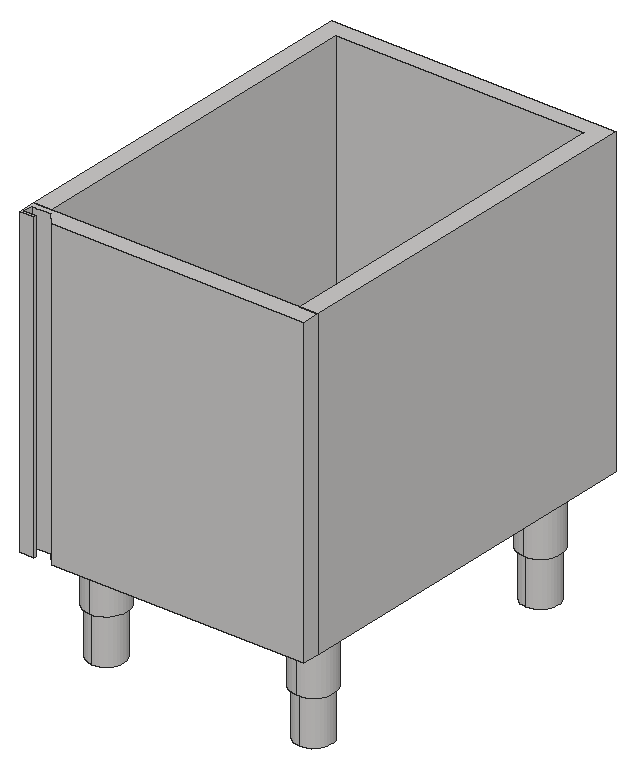
Revit family "QF_GIORIK_SUL0440", category Specialty Equipment, Revit 2014
Parameters (values of type "SUL0440")
  Weight in Pounds = 0
  URL Cutsheet = "www.giorik.com"
  URL = "www.giorik.com"
  Status [instance] = ""
  Specification by User [instance] = ""
  Specification by Manufacturer = ""
  Show Logo [instance] = yes
  Show Clearance [instance] = yes
  Serial Number = ""
  Seismic Rating = ""
  SMACNA No = ""
  Revision Code [instance] = ""
  NAFEM Spec ID Number = ""
  Model = "SUL0440"
  Masterspec = ""
  Manufacturer = "GIORIK"
  Item Number [instance] = ""
  Installed By [instance] = ""
  Identify Quantity as Lot [instance] = no
  Furnished By [instance] = ""
  Foodservice Equipment Identifier [instance] = yes
  Description = "NEUTRAL CUPBOARD WITH SHELF L=400"
  CSI MasterFormat = ""
  Assembly Code = "E1090320"
Reference planes
  plane 1 "Back": y = 0
  plane 2: z = 0
  plane 3 "Left": x = 0
  plane 4 "Right": x = 400
  plane 5 "Front": y = -600
  plane 6 "Top": z = 580
Forms (mm)
  Extrusion 1, solid
    sketch origin (-16, 1016.81, 0) x (1, 0, 0) y (0, 1, 0)
      loop
        line (25, -1086.81) -> (25, -1156.81) -> (115, -1156.81) -> (115, -1086.81) -> (25, -1086.81)
    from 148 to 150
  Extrusion 2, solid
    sketch origin (416, 1016.81, 0) x (-1, 0, 0) y (0, -1, 0)
      loop
        line (25, 1086.81) -> (115, 1086.81) -> (115, 1156.81) -> (25, 1156.81) -> (25, 1086.81)
    from 148 to 150
  Extrusion 3, solid
    sketch origin (0, -40, 599.536) x (1, 0, 0) y (0, 1, 0)
      loop
        line (0, -525) -> (25, -525) -> (25, -25) -> (375, -25) -> (375, -525) -> (400, -525) -> (400, 0) -> (0, 0) -> (0, -525)
    from -449.536 to -19.536
  Extrusion 4, solid
    sketch origin (0, -40, 0) x (1, 0, 0) y (0, 1, 0)
      loop
        line (25, -25) -> (25, -525) -> (375, -525) -> (375, -25) -> (25, -25)
    from 150 to 175
  Extrusion 5, solid
    sketch origin (-16, 616.81, 0) x (1, 0, 0) y (0, 1, 0)
      loop
        line (25, -1086.81) -> (25, -1156.81) -> (115, -1156.81) -> (115, -1086.81) -> (25, -1086.81)
    from 148 to 150
  Revolve 6, solid
    sketch origin (54, 616.81, 0) x (0, 1, 0) y (0, 0, 1)
      loop
        line (-1092.56, 66) -> (-1092.56, 148) -> (-1121.81, 148) -> (-1121.81, 0) -> (-1096.81, 0) -> (-1096.81, 66) -> (-1092.56, 66)
      axis (-1121.81, 0) -> (-1121.81, 148)
    angle from 0 to 360
  Revolve 7, solid
    sketch origin (346, 616.81, 0) x (0, 1, 0) y (0, 0, 1)
      loop
        line (-1092.56, 66) -> (-1092.56, 148) -> (-1121.81, 148) -> (-1121.81, 0) -> (-1096.81, 0) -> (-1096.81, 66) -> (-1092.56, 66)
      axis (-1121.81, 0) -> (-1121.81, 148)
    angle from 0 to 360
  Revolve 8, solid
    sketch origin (346, 1016.81, 0) x (0, 1, 0) y (0, 0, 1)
      loop
        line (-1092.56, 66) -> (-1092.56, 148) -> (-1121.81, 148) -> (-1121.81, 0) -> (-1096.81, 0) -> (-1096.81, 66) -> (-1092.56, 66)
      axis (-1121.81, 0) -> (-1121.81, 148)
    angle from 0 to 360
  Revolve 9, solid
    sketch origin (54, 1016.81, 0) x (0, 1, 0) y (0, 0, 1)
      loop
        line (-1092.56, 66) -> (-1092.56, 148) -> (-1121.81, 148) -> (-1121.81, 0) -> (-1096.81, 0) -> (-1096.81, 66) -> (-1092.56, 66)
      axis (-1121.81, 0) -> (-1121.81, 148)
    angle from 0 to 360
  Extrusion 10, solid, visible <- "Show Clearance", detail levels coarse
    sketch origin (395, -462.861, -10) x (-1, 0, 0) y (0, -1, 0)
      loop
        line (-5, 127.139) -> (395, 127.139)
        arc (395, 127.139) -> (277.843, 409.981) -> (-5, 527.139) r 400
        line (-5, 527.139) -> (-5, 127.139)
    from 160 to 590
  Extrusion 11, solid
    sketch origin (-5, -2, 1020) x (0, 1, 0) y (-1, 0, 0)
      loop
        line (-563, -5) -> (-588, -5) -> (-588, -25) -> (-585, -25) -> (-585, -8) -> (-571, -8) -> (-571, -35) -> (-588, -50) -> (-588, -405) -> (-563, -405) -> (-563, -5)
    from -870 to -440
  Extrusion 12, solid
    sketch origin (416, 616.81, 0) x (-1, 0, 0) y (0, -1, 0)
      loop
        line (25, 1086.81) -> (115, 1086.81) -> (115, 1156.81) -> (25, 1156.81) -> (25, 1086.81)
    from 148 to 150
Lines and regions (mm)
  symbolic lines, style "200-EquipHidden-2D", visible <- "Show Clearance", detail levels coarse
    curve 1: line (0, -40, 580) -> (400, -40, 580)
    curve 2: line (0, -590, 580) -> (0, -40, 580)
    curve 3: line (400, -590, 580) -> (0, -590, 580)
    curve 4: line (400, -40, 580) -> (400, -590, 580)
  symbolic lines, style "QF_Door-Drawer Clearances", visible <- "Show Clearance", detail levels coarse
    curve 5: line (400, -600, 580) -> (400, -990, 580)
    curve 6: arc (400, -990, 580) -> (120.715, -876.356, 580) -> (0.125, -600, 580) r 400
Dimensions and locks
  plane 3 "Left" to plane 4 "Right" = 400 mm
  plane 5 "Front" to plane 1 "Back" = 600 mm
  plane 4 "Right" to plane 3 "Left" = 400 mm
  plane 1 "Back" to plane 5 "Front" = 600 mm
  plane 6 "Top" to level = 580 mm  (x2)
  aligned and locked: level to plane 2
